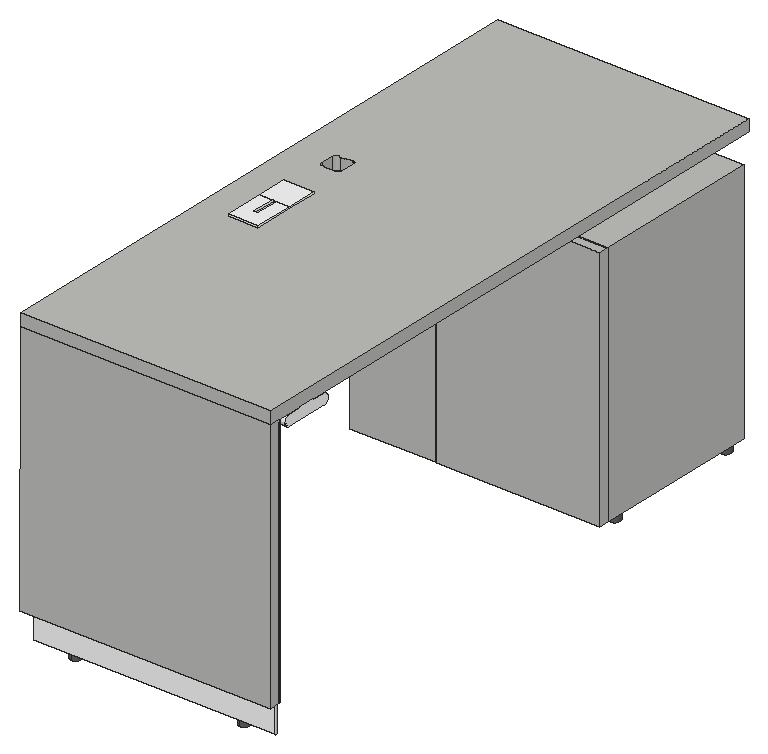
Revit family "Desk-Adjustable_Height-Teknion-JNHB-Run-Off_Bevel_Base-R20161", category Furniture, Revit 2016
Family settings
  OmniClass Number = 23.40.20.00
  OmniClass Title = General Furniture and Specialties
  Work Plane-Based = No
  Always vertical = Yes
  Cut with Voids When Loaded = No
  Shared = Yes
  Room Calculation Point = No
Parameters (values of type "Double-Sided")
  Worksurface Finish [instance] = Source Laminate - Teknion - RV - Very White
  Width B [instance] = Depth  # 24.000"
  Width [instance] = 60.000"
  Warranty = "http://www.teknion.com/ca/papers/legal-canada"
  Unit Weight URL = "http://www.teknion.com/ca/tools/assets#&asset=bee6a381-b954-425e-8283-5a2de3a804f2,f828d448-4b62-4231-9e5f-9a8991c0ed77"
  URL = "www.teknion.com"
  Sustainability Data = "http://www.teknion.com/ca/tools/assets#&topic=216f99a5-57a0-44fc-b10a-9dee9b29ae4c&asset=444deb64-fe58-4b68-981e-f75e97781df7"
  Single-Sided = not([Double-Sided])  # no
  Series = "Expansion Cityline"  # constant formula
  Product Page URL = "http://www.teknion.com/ca/products/product-details?productlineid=9ad2a26e-8e7a-673b-a6c8-ff05004460c4"
  Product Line = "Expansion Cityline"  # constant formula
  Product Documentation Link = "http://www.teknion.com/pricing/expansion-cityline/pdfs/JNHB_ppg.pdf"
  Part Number = "JNHB"  # constant formula
  Model = "JNHBED__S__"
  Manufacturer Phone = "416-661-3370"  # constant formula
  Manufacturer Fax = "416.661.4586"  # constant formula
  Manufacturer Contact Information = "http://www.teknion.com/ca/contactus"
  Manufacturer Address = "1150 Flint Road, Toronto, ON. M3J 2J5. Canada"  # constant formula
  Manufacturer = "Teknion"  # constant formula
  Left Door Cabinet Front Face Length [instance] = if(Depth = 24.000", 8.250", 10.250")  # 8.250"
  JNHSC Note [instance] = "Available Depths are 18 and 24 inches. Available Widths are 24 and 30 inches."  # constant formula
  JNHB Note [instance] = "Available Depths are 24 and 30 inches. Available Widths are 60, 66, 72, 78, and 84 inches."  # constant formula
  Height Note [instance] = "Available Height range between 27 and  48 inches."  # constant formula
  Height [instance] = 29.000"
  Grommet Finish [instance] = Mica - Teknion - V - Satin - Very White
  Front Finish [instance] = Source Laminate - Teknion - RV - Very White
  End Gable Finish [instance] = Source Laminate - Teknion - RV - Very White
  Double-Sided = yes
  Description = "Height-Adjustable Run-Off – Bevel Base, Extended Range Electric - 27\" to 48\", Double-Sided, Square Cut-Out and Grommet - Center"
  Depth B Actual [instance] = if([Double-Sided], Depth B - 1.693", Depth B - 3.465")  # 16.307"
  Depth B [instance] = 18.000"
  Depth [instance] = 24.000"
  Case Finish [instance] = Source Laminate - Teknion - RV - Very White
  Base Width Offset [instance] = if(Depth = 24.000", 12.000", 14.000")  # 12.000"
  Base Finish [instance] = Mica - Teknion - V - Satin - Very White
  Assembly Code = "E2020200"
  Adjustable Leg Reveal Height [instance] = Height - 26.154"  # 2.846"
  Actual Width [instance] = if([Double-Sided], Width - 2.693", Width - 4.465")  # 57.307"
  Accessory Offset [instance] = if(Depth = 24.000", 2.909", 4.877")  # 2.909"
Types (2): name | Single-Sided | Model | Double-Sided | Description | Depth B Actual | Actual Width
  Double-Sided | no | "JNHBED__S__" | yes | "Height-Adjustable Run-Off – Bevel Base, Extended Range Electric - 27\" to 48\", Double-Sided, Square Cut-Out and Grommet - Center" | 16.307" | 57.307"
  Single-Sided | yes | "JNHBES__S__" | no | "Height-Adjustable Run-Off – Bevel Base, Extended Range Electric - 27\" to 48\", Single-Sided, Square Cut-Out and Grommet - Center" | 14.535" | 55.535"
Reference planes (in)
  plane 1 "Center Front/Back": y = 1.89875
  plane 2: z = 0
  plane 3 "Center Left/Right": x = 0
  plane 4 "Left": x = -12
  plane 5 "Right": x = 12
  plane 6 "Back": y = 30.55225
  plane 7 "Front": y = -26.75475
  plane 8 "Top": z = 29
  plane 9: z = 27.81102
  plane 10: z = 23.85724
  plane 11: z = 23.4163
  plane 12: z = 29.75
  plane 13: z = 29.15748
  plane 14: z = 0.60236
  plane 15: z = 3.44836
  plane 16: z = 25.81102
  plane 17: z = 27.22047
  plane 18: x = 3
  plane 19: x = -3
  plane 20: y = 8.4383
  plane 21: y = -18.32955
  plane 22: x = 11.13386
  plane 23: y = 31.55225
  plane 24: x = -13.25139
  plane 25: x = 10.74861
  plane 26: y = 15.24525
  plane 27: y = 14.34762
  plane 28: x = -5.00139
  plane 29: x = -4.88328
  plane 30: x = -1.25139
  plane 31: z = 24.12496
  plane 32: y = 23.39875
Forms (in)
  Extrusion 1, solid, material "Source Laminate - Teknion - RV - Very White" <- "Worksurface Finish"
    sketch origin (-51, -180, 29) x (-1, 0, 0) y (0, -1, 0)
      loop
        line (-39, -210.55225) -> (-39, -153.24525) -> (-63, -153.24525) -> (-63, -210.55225) -> (-39, -210.55225)
    from 0 to -1.18898
  Extrusion 2, solid, material "Mica - Teknion - V - Satin - Very White" <- "Base Finish"
    sketch origin (-4.33071, 0, 23.4163) x (0, 1, 0) y (1, 0, 0)
      loop
        arc (26.14182, 8.66142) -> (25.74929, 8.49883) -> (25.5867, 8.1063) r 0.55512
        line (25.5867, 8.1063) -> (25.5867, 0.55512)
        arc (25.5867, 0.55512) -> (25.74929, 0.16259) -> (26.14182, 0) r 0.55512
        line (26.14182, 0) -> (28.57489, 0)
        arc (28.57489, 0) -> (28.96742, 0.16259) -> (29.13001, 0.55512) r 0.55512
        line (29.13001, 0.55512) -> (29.13001, 8.1063)
        arc (29.13001, 8.1063) -> (28.96742, 8.49883) -> (28.57489, 8.66142) r 0.55512
        line (28.57489, 8.66142) -> (26.14182, 8.66142)
    from 0 to -0.44094
  Extrusion 3, solid, material "Mica - Teknion - V - Satin - Very White" <- "Base Finish"
    sketch origin (-4.33071, 0, 23.85724) x (0, 1, 0) y (1, 0, 0)
      loop
        arc (26.14182, 8.3563) -> (25.96504, 8.28308) -> (25.89182, 8.1063) r 0.25
        line (25.89182, 8.1063) -> (25.89182, 0.55512)
        arc (25.89182, 0.55512) -> (25.96504, 0.37834) -> (26.14182, 0.30512) r 0.25
        line (26.14182, 0.30512) -> (28.57489, 0.30512)
        arc (28.57489, 0.30512) -> (28.75167, 0.37834) -> (28.82489, 0.55512) r 0.25
        line (28.82489, 0.55512) -> (28.82489, 8.1063)
        arc (28.82489, 8.1063) -> (28.75167, 8.28308) -> (28.57489, 8.3563) r 0.25
        line (28.57489, 8.3563) -> (26.14182, 8.3563)
    from 0 to -3.95378
  Extrusion 4, void
    sketch origin (-4.33071, 0, 23.85724) x (1, 0, 0) y (0, 1, 0)
      loop
        arc (-3.93307, 6.90663) -> (-4.22538, 6.78555) -> (-4.34646, 6.49324) r 0.41339
        line (-4.34646, 6.49324) -> (-4.34646, 5.30427)
        arc (-4.34646, 5.30427) -> (-4.22538, 5.01196) -> (-3.93307, 4.89088) r 0.41339
        line (-3.93307, 4.89088) -> (-2.74409, 4.89088)
        arc (-2.74409, 4.89088) -> (-2.45179, 5.01196) -> (-2.33071, 5.30427) r 0.41339
        line (-2.33071, 5.30427) -> (-2.33071, 6.49324)
        arc (-2.33071, 6.49324) -> (-2.45179, 6.78555) -> (-2.74409, 6.90663) r 0.41339
        line (-2.74409, 6.90663) -> (-3.93307, 6.90663)
    from 0 to 5.89276
  Extrusion 5, solid, material "Mica - Teknion - V - Satin - Very White" <- "Grommet Finish"
    sketch origin (-9.09132, -180, 29.15748) x (-1, 0, 0) y (0, -1, 0)
      loop
        line (-2.84439, -181.22591) -> (-0.00032, -181.22591) -> (-0.00032, -178.37868) -> (-2.84439, -178.37868) -> (-2.84439, -181.22591)
    from 0 to -0.15748
  Extrusion 6, solid, material "Mica - Teknion - V - Satin - Very White" <- "Grommet Finish"
    sketch origin (-9.09132, -180, 29.15748) x (-1, 0, 0) y (0, -1, 0)
      loop
        line (-0.00032, -178.37768) -> (-0.00032, -174.5716) -> (-2.84439, -174.5716) -> (-2.84439, -178.37768) -> (-1.63503, -178.37768) -> (-1.63503, -176.09908) -> (-1.20968, -176.09908) -> (-1.20968, -178.37768) -> (-0.00032, -178.37768)
    from 0 to -0.15748
  Extrusion 7, solid, material "Mica - Teknion - V - Satin - Very White" <- "Base Finish"
    sketch origin (11.6429, -180, 0.60236) x (0, -1, 0) y (-1, 0, 0)
      loop
        line (-157.06021, 5.66026) -> (-154.45238, 0.03422)
        arc (-154.45238, 0.03422) -> (-154.38608, 0.00139) -> (-154.33974, 0.05906) r 0.05906
        line (-154.33974, 0.05906) -> (-154.33974, 23.22674)
        arc (-154.33974, 23.22674) -> (-154.38608, 23.28441) -> (-154.45238, 23.25157) r 0.05906
        line (-154.45238, 23.25157) -> (-157.06021, 17.62553) -> (-157.06021, 5.66026)
    from 0 to -2.846
  Extrusion 8, solid, material "Mica - Teknion - V - Satin - Very White" <- "Base Finish"
    sketch origin (11.6429, -180, 3.44836) x (0, -1, 0) y (-1, 0, 0)
      loop
        line (-157.13896, 17.6429) -> (-157.13896, 5.6429) -> (-154.37364, -0.32288)
        arc (-154.37364, -0.32288) -> (-154.35184, -0.34782) -> (-154.32006, -0.3571) r 0.05906
        line (-154.32006, -0.3571) -> (-154.261, -0.3571) -> (-154.261, 23.6429) -> (-154.32006, 23.6429)
        arc (-154.32006, 23.6429) -> (-154.35184, 23.63361) -> (-154.37364, 23.60868) r 0.05906
        line (-154.37364, 23.60868) -> (-157.13896, 17.6429)
    from 0 to -24.36266
  Extrusion 9, solid, material "Source Laminate - Teknion - RV - Very White" <- "End Gable Finish"
    sketch origin (11.6429, -180, 3.44836) x (0, -1, 0) y (-1, 0, 0)
      loop
        line (-153.24525, 23.6429) -> (-154.261, 23.6429) -> (-154.261, -0.3571) -> (-153.24525, -0.3571) -> (-153.24525, 23.6429)
    from 0 to -24.36266
  Extrusion 10, solid, material "Mica - Teknion - V - Satin - Very White" <- "Base Finish"
    sketch origin (0, 8.62354, 25.81102) x (0, 1, 0) y (-1, 0, 0)
      loop
        line (-27.48852, 5.90551) -> (-31.48459, 5.90551) -> (-31.48459, -5.90551) -> (-27.48852, -5.90551) -> (-27.48852, 5.90551)
    from 1.40945 to 2
  Extrusion 11, solid, material "Mica - Teknion - V - Satin - Very White" <- "Base Finish"
    sketch origin (0, 8.62354, 25.81102) x (0, 1, 0) y (-1, 0, 0)
      loop
        line (-0.18524, -3) -> (-0.18524, 3) -> (-26.95309, 3) -> (-26.95309, -3) -> (-0.18524, -3)
    from 0 to 2
  Extrusion 12, solid, material "Plastic - Teknion - 52 - Ebony"
    sketch origin (11.6429, -180, 0.60236) x (0, -1, 0) y (-1, 0, 0)
      loop
        circle (-155.00614, 19.72735) r 0.5
    from 0 to 0.60236
  Extrusion 13, solid, material "Plastic - Teknion - 52 - Ebony"
    sketch origin (-11.6429, -180, 0.60236) x (0, 1, 0) y (1, 0, 0)
      loop
        circle (155.00614, 19.72735) r 0.5
    from 0 to 0.60236
  Extrusion 14, solid, material "Mica - Teknion - V - Satin - Very White"
    sketch origin (0, 0, 0) x (0, 1, 0) y (0, 0, 1)
      loop
        arc (-20.35711, 26.70866) -> (-19.86498, 27.20079) -> (-20.35711, 27.69291) r 0.49213
        line (-20.35711, 27.69291) -> (-21.63664, 27.69291) -> (-21.63664, 27.81102) -> (-23.21144, 27.81102) -> (-23.21144, 27.69291) -> (-24.49097, 27.69291)
        arc (-24.49097, 27.69291) -> (-24.98309, 27.20079) -> (-24.49097, 26.70866) r 0.49213
        line (-24.49097, 26.70866) -> (-20.35711, 26.70866)
    from 11.13386 to 12
  Extrusion 15, solid, material "Source Laminate - Teknion - RV - Very White" <- "Case Finish"
    sketch origin (11.6429, -180, 0.60236) x (0, -1, 0) y (-1, 0, 0)
      loop
        line (-211.55225, 24.89428) -> (-211.55225, 0.89428) -> (-195.24525, 0.89428) -> (-195.24525, 24.89428) -> (-211.55225, 24.89428)
    from 0 to -23.5226
  Extrusion 16, solid, material "Plastic - Teknion - 52 - Ebony"
    sketch origin (11.6429, -180, 0.60236) x (0, -1, 0) y (-1, 0, 0)
      loop
        circle (-210.05146, 24.3861) r 0.5
    from 0 to 0.60236
  Extrusion 17, solid, material "Plastic - Teknion - 52 - Ebony"
    sketch origin (-14.14567, -180, 0.60236) x (0, 1, 0) y (1, 0, 0)
      loop
        circle (210.05146, 24.3861) r 0.5
    from 0 to 0.60236
  Extrusion 18, solid, material "Plastic - Teknion - 52 - Ebony"
    sketch origin (11.6429, 226.79742, 0.60236) x (0, -1, 0) y (-1, 0, 0)
      loop
        circle (210.05137, 24.3861) r 0.5
    from 0 to 0.60236
  Extrusion 19, solid, material "Plastic - Teknion - 52 - Ebony"
    sketch origin (-14.14567, 226.79742, 0.60236) x (0, 1, 0) y (1, 0, 0)
      loop
        circle (-210.05137, 24.3861) r 0.5
    from 0 to 0.60236
  Extrusion 20, solid, material "Source Laminate - Teknion - RV - Very White" <- "Front Finish"
    sketch origin (0, 1.89875, 0) x (1, 0, 0) y (0, 0, 1)
      loop
        line (-5.00139, 24.12496) -> (-13.25139, 24.12496) -> (-13.25139, 0.60236) -> (-5.00139, 0.60236) -> (-5.00139, 24.12496)
    from -13.3465 to -12.44886
  Extrusion 21, solid, material "Source Laminate - Teknion - RV - Very White" <- "Front Finish"
    sketch origin (0, 1.89875, 0) x (1, 0, 0) y (0, 0, 1)
      loop
        line (-4.88328, 24.12496) -> (-4.88328, 0.60236) -> (10.74861, 0.60236) -> (10.74861, 24.12496) -> (-4.88328, 24.12496)
    from -13.3465 to -12.44886
Cuts and joins
  Extrusion 4 cuts Extrusion 1
Lines and regions (in)
  Masking region 1
    outline origin (11.6429, -180, 0.60236) x (0, -1, 0) y (1, 0, 0)
      loop
        line (-210.55225, -23.6429) -> (-153.24525, -23.6429) -> (-153.24525, 0.3571) -> (-210.55225, 0.3571) -> (-210.55225, -23.6429)
  Masking region 2
    outline origin (11.6429, -180, 0.60236) x (0, -1, 0) y (1, 0, 0)
      loop
        line (-211.55225, -24.89428) -> (-194.34762, -24.89428) -> (-194.34762, -23.6429) -> (-210.55225, -23.6429) -> (-210.55225, -0.89428) -> (-211.55225, -0.89428) -> (-211.55225, -24.89428)
  symbolic lines, style "Furniture", detail levels medium+fine
    curve 1: line (-13.25139, 15.24525, 0.60236) -> (-12.00139, 15.24525, 0.60236)
  symbolic lines, style "FurnitureHiddenLines", detail levels fine
    curve 2: arc (-12.74321, 17.24605, 0.60236) -> (-13.24321, 16.74605, 0.60236) -> (-12.74321, 16.24605, 0.60236) r 0.5
    curve 3: arc (-12.74321, 16.24605, 0.60236) -> (-12.24321, 16.74605, 0.60236) -> (-12.74321, 17.24605, 0.60236) r 0.5
    curve 4: arc (-12.74321, 29.55146, 0.60236) -> (-12.24321, 30.05146, 0.60236) -> (-12.74321, 30.55146, 0.60236) r 0.5
    curve 5: arc (-12.74321, 30.55146, 0.60236) -> (-13.24321, 30.05146, 0.60236) -> (-12.74321, 29.55146, 0.60236) r 0.5
    curve 6: arc (10.24043, 29.55146, 0.60236) -> (10.74043, 30.05146, 0.60236) -> (10.24043, 30.55146, 0.60236) r 0.5
    curve 7: arc (10.24043, 30.55146, 0.60236) -> (9.74043, 30.05146, 0.60236) -> (10.24043, 29.55146, 0.60236) r 0.5
    curve 8: arc (10.24043, 16.24605, 0.60236) -> (10.74043, 16.74605, 0.60236) -> (10.24043, 17.24605, 0.60236) r 0.5
    curve 9: arc (10.24043, 17.24605, 0.60236) -> (9.74043, 16.74605, 0.60236) -> (10.24043, 16.24605, 0.60236) r 0.5
    curve 10: arc (8.08445, -24.49386, 0.60236) -> (7.58445, -24.99386, 0.60236) -> (8.08445, -25.49386, 0.60236) r 0.5
    curve 11: arc (8.08445, -25.49386, 0.60236) -> (8.58445, -24.99386, 0.60236) -> (8.08445, -24.49386, 0.60236) r 0.5
    curve 12: arc (-8.08445, -25.49386, 0.60236) -> (-7.58445, -24.99386, 0.60236) -> (-8.08445, -24.49386, 0.60236) r 0.5
    curve 13: arc (-8.08445, -24.49386, 0.60236) -> (-8.58445, -24.99386, 0.60236) -> (-8.08445, -25.49386, 0.60236) r 0.5
    curve 22: line (3, -18.32955, 0.60236) -> (3, 8.4383, 0.60236)
    curve 23: line (3, 8.4383, 0.60236) -> (-3, 8.4383, 0.60236)
    curve 24: line (-3, 8.4383, 0.60236) -> (-3, -18.32955, 0.60236)
    curve 25: line (-3, -18.32955, 0.60236) -> (3, -18.32955, 0.60236)
    curve 52: line (-4.02559, 28.57489, 0.60236) -> (-4.02559, 26.14182, 0.60236)
    curve 53: arc (-4.02559, 26.14182, 0.60236) -> (-3.95237, 25.96504, 0.60236) -> (-3.77559, 25.89182, 0.60236) r 0.25
    curve 54: line (-3.77559, 25.89182, 0.60236) -> (3.77559, 25.89182, 0.60236)
    curve 55: arc (3.77559, 25.89182, 0.60236) -> (3.95237, 25.96504, 0.60236) -> (4.02559, 26.14182, 0.60236) r 0.25
    curve 56: line (4.02559, 26.14182, 0.60236) -> (4.02559, 28.57489, 0.60236)
    curve 57: arc (4.02559, 28.57489, 0.60236) -> (3.95237, 28.75167, 0.60236) -> (3.77559, 28.82489, 0.60236) r 0.25
    curve 58: line (3.77559, 28.82489, 0.60236) -> (-3.77559, 28.82489, 0.60236)
    curve 59: arc (-3.77559, 28.82489, 0.60236) -> (-3.95237, 28.75167, 0.60236) -> (-4.02559, 28.57489, 0.60236) r 0.25
  symbolic lines, style "FurnitureHiddenLines", detail levels medium+fine
    curve 14: line (-4.88328, 14.34762, 0.60236) -> (-4.88328, 15.24525, 0.60236)
    curve 15: line (-5.00139, 15.24525, 0.60236) -> (-5.00139, 14.34762, 0.60236)
    curve 16: line (-5.00139, 14.34762, 0.60236) -> (-12, 14.34762, 0.60236)
    curve 17: line (10.74861, 14.34762, 0.60236) -> (-4.88328, 14.34762, 0.60236)
    curve 18: line (10.74861, 15.24525, 0.60236) -> (10.74861, 14.34762, 0.60236)
    curve 19: line (10.74861, 15.24525, 0.60236) -> (-12.00139, 15.24525, 0.60236)
    curve 20: line (-5.90551, -22.86104, 0.60236) -> (-5.90551, -18.86498, 0.60236)
    curve 21: line (-5.90551, -18.86498, 0.60236) -> (5.90551, -18.86498, 0.60236)
    curve 44: line (3.77559, 29.13001, 0.60236) -> (-3.77559, 29.13001, 0.60236)
    curve 45: arc (-3.77559, 29.13001, 0.60236) -> (-4.16812, 28.96742, 0.60236) -> (-4.33071, 28.57489, 0.60236) r 0.55512
    curve 46: line (-4.33071, 28.57489, 0.60236) -> (-4.33071, 26.14182, 0.60236)
    curve 47: arc (-4.33071, 26.14182, 0.60236) -> (-4.16812, 25.74929, 0.60236) -> (-3.77559, 25.5867, 0.60236) r 0.55512
    curve 48: line (-3.77559, 25.5867, 0.60236) -> (3.77559, 25.5867, 0.60236)
    curve 49: arc (3.77559, 25.5867, 0.60236) -> (4.16812, 25.74929, 0.60236) -> (4.33071, 26.14182, 0.60236) r 0.55512
    curve 50: line (4.33071, 26.14182, 0.60236) -> (4.33071, 28.57489, 0.60236)
    curve 51: arc (4.33071, 28.57489, 0.60236) -> (4.16812, 28.96742, 0.60236) -> (3.77559, 29.13001, 0.60236) r 0.55512
    curve 60: line (6, -22.86104, 0.60236) -> (12, -25.64223, 0.60236)
    curve 61: line (12, -25.64223, 0.60236) -> (12, -25.739, 0.60236)
    curve 62: line (-12, -25.739, 0.60236) -> (12, -25.739, 0.60236)
    curve 63: line (-12, -25.64223, 0.60236) -> (-12, -25.739, 0.60236)
    curve 64: line (-12, -25.64223, 0.60236) -> (-6, -22.86104, 0.60236)
    curve 65: line (-6, -22.86104, 0.60236) -> (6, -22.86104, 0.60236)
    curve 66: line (5.90551, -18.86498, 0.60236) -> (5.90551, -22.86104, 0.60236)
    curve 67: line (10.74861, 31.55225, 0.60236) -> (10.74861, 15.24525, 0.60236)
  symbolic lines
    curve 26: line (-8.26378, 6.90663, 0.60236) -> (-7.0748, 6.90663, 0.60236)
    curve 27: line (-7.0748, 4.89088, 0.60236) -> (-8.26378, 4.89088, 0.60236)
    curve 28: line (-8.67717, 5.30427, 0.60236) -> (-8.67717, 6.49324, 0.60236)
    curve 29: line (-6.66142, 6.49324, 0.60236) -> (-6.66142, 5.30427, 0.60236)
    curve 30: arc (-6.66142, 6.49324, 0.60236) -> (-6.7825, 6.78555, 0.60236) -> (-7.0748, 6.90663, 0.60236) r 0.41339
    curve 31: arc (-8.26378, 6.90663, 0.60236) -> (-8.55609, 6.78555, 0.60236) -> (-8.67717, 6.49324, 0.60236) r 0.41339
    curve 32: arc (-8.67717, 5.30427, 0.60236) -> (-8.55609, 5.01196, 0.60236) -> (-8.26378, 4.89088, 0.60236) r 0.41339
    curve 33: arc (-7.0748, 4.89088, 0.60236) -> (-6.7825, 5.01196, 0.60236) -> (-6.66142, 5.30427, 0.60236) r 0.41339
    curve 34: line (-9.091, 1.22591, 0.60236) -> (-6.24694, 1.22591, 0.60236)
    curve 35: line (-6.24694, 1.22591, 0.60236) -> (-6.24694, -1.62132, 0.60236)
    curve 36: line (-6.24694, -1.62132, 0.60236) -> (-6.24694, -5.4284, 0.60236)
    curve 37: line (-6.24694, -5.4284, 0.60236) -> (-9.091, -5.4284, 0.60236)
    curve 38: line (-9.091, -5.4284, 0.60236) -> (-9.091, -1.62132, 0.60236)
    curve 39: line (-9.091, -1.62132, 0.60236) -> (-9.091, 1.22591, 0.60236)
  symbolic lines, detail levels medium+fine
    curve 40: line (-6.24694, -1.62132, 0.60236) -> (-9.091, -1.62132, 0.60236)
  symbolic lines, detail levels fine
    curve 41: line (-7.88164, -1.62132, 0.60236) -> (-7.88164, -3.90092, 0.60236)
    curve 42: line (-7.88164, -3.90092, 0.60236) -> (-7.45629, -3.90092, 0.60236)
    curve 43: line (-7.45629, -3.90092, 0.60236) -> (-7.45629, -1.62132, 0.60236)
  reference lines, not visible
    curve 68: line (-12, 30.55225, 0) -> (-12, -26.75475, 0)
    curve 69: line (-12, 30.55225, 0) -> (12, 30.55225, 0)
    curve 70: line (12, 30.55225, 0) -> (12, -26.75475, 0)
    curve 71: line (-12, -26.75475, 0) -> (12, -26.75475, 0)
Dimensions and locks (in)
  "Depth": plane 4 "Left" to plane 5 "Right"
  "Actual Width": plane 6 "Back" to plane 7 "Front"
  "Height": plane 8 "Top" to level
  equal spacing: plane 7 "Front", plane 1 "Center Front/Back", plane 6 "Back"
  locked: plane 8 "Top" to plane 9 at 1.18898
  Extrusion 2 sketch curve to Extrusion 2 sketch curve to Extrusion 2 sketch curve to plane 3 "Center Left/Right" to Extrusion 2 sketch curve to Extrusion 2 sketch curve to Extrusion 2 sketch curve = 0.55512" locked, 0.000" locked, 3.77559" locked, 3.77559" locked, 0.000" locked, 0.55512" locked
  plane 6 "Back" to Extrusion 2 sketch curve to Extrusion 2 sketch curve to Extrusion 2 sketch curve to Extrusion 2 sketch curve to Extrusion 2 sketch curve to Extrusion 2 sketch curve = 1.42224" locked, 0.55512" locked, 0.000" locked, 2.43307" locked, 0.000" locked, 0.55512" locked
  Extrusion 3 sketch curve to Extrusion 3 sketch curve to Extrusion 3 sketch curve to plane 3 "Center Left/Right" to Extrusion 3 sketch curve to Extrusion 3 sketch curve to Extrusion 3 sketch curve = 0.250" locked, 0.000" locked, 3.77559" locked, 3.77559" locked, 0.000" locked, 0.250" locked
  plane 6 "Back" to Extrusion 3 sketch curve to Extrusion 3 sketch curve to Extrusion 3 sketch curve to Extrusion 3 sketch curve to Extrusion 3 sketch curve to Extrusion 3 sketch curve = 1.72736" locked, 0.250" locked, 0.000" locked, 2.43307" locked, 0.000" locked, 0.250" locked
  plane 1 "Center Front/Back" to Extrusion 4 sketch curve to Extrusion 4 sketch curve to Extrusion 4 sketch curve to Extrusion 4 sketch curve to Extrusion 4 sketch curve to Extrusion 4 sketch curve = 2.99213" locked, 0.41339" locked, 0.000" locked, 1.18898" locked, 0.000" locked, 0.41339" locked
  Extrusion 4 sketch curve to Extrusion 4 sketch curve to Extrusion 4 sketch curve to Extrusion 4 sketch curve to Extrusion 4 sketch curve to Extrusion 4 sketch curve = 0.41339" locked, 0.000" locked, 1.18898" locked, 0.000" locked, 0.41339" locked
  locked: plane 12 to plane 8 "Top" at 0.75
  Extrusion 4 to plane 11 to plane 2 = 0.44094" locked, 23.4163" locked
  locked: plane 13 to plane 8 "Top" at 0.15748
  Extrusion 5 sketch curve to Extrusion 5 sketch curve to plane 1 "Center Front/Back" = 2.84723" locked, 0.67284" locked
  locked: Extrusion 5 sketch curve to Extrusion 5 sketch curve at 2.84406
  Extrusion 6 sketch curve to Extrusion 6 sketch curve to Extrusion 6 sketch curve to Extrusion 6 sketch curve to plane 1 "Center Front/Back" = 1.52748" locked, 2.2786" locked, 0.000" locked, 3.52107" locked
  Extrusion 6 sketch curve to Extrusion 6 sketch curve to Extrusion 6 sketch curve to Extrusion 6 sketch curve = 1.20936" locked, 0.42535" locked, 1.20936" locked
  locked: plane 14 to plane 2 at 0.60236
  "Adjustable Leg Reveal Height": plane 15 to plane 14
  locked: Extrusion 8 sketch curve to plane 5 "Right" at 0.05906
  locked: plane 4 "Left" to Extrusion 8 sketch curve at 0.05906
  plane 7 "Front" to Extrusion 8 sketch curve to Extrusion 8 sketch curve = 1.01575" locked, 2.87795" locked
  locked: plane 9 to plane 16 at 2
  plane 7 "Front" to Extrusion 10 sketch curve to Extrusion 10 sketch curve = 3.8937" locked, 3.99606" locked
  locked: plane 17 to plane 9 at 0.59055
  plane 19 to plane 3 "Center Left/Right" to plane 18 = 3.000" locked, 3.000" locked
  locked: plane 7 "Front" to plane 21 at 8.4252
  locked: plane 7 "Front" to Extrusion 12 sketch curve at 1.76089
  locked: plane 4 "Left" to Extrusion 12 sketch curve at 3.91555
  locked: plane 7 "Front" to Extrusion 13 sketch curve at 1.76089
  locked: Extrusion 13 sketch curve to plane 5 "Right" at 3.91555
  locked: plane 22 to plane 5 "Right" at 0.86614
  Extrusion 14 sketch curve to Extrusion 14 sketch curve to Extrusion 14 sketch curve to Extrusion 14 sketch curve to plane 7 "Front" = 1.27953" locked, 1.5748" locked, 1.27953" locked, 2.26378" locked
  Extrusion 14 sketch curve to Extrusion 14 sketch curve to Extrusion 14 sketch curve to Extrusion 14 sketch curve to Extrusion 14 sketch curve to plane 9 = 0.49213" locked, 0.000" locked, 0.49213" locked, 0.000" locked, 0.11811" locked
  equal spacing: plane 4 "Left", plane 3 "Center Left/Right", plane 5 "Right"
  locked: plane 23 to plane 6 "Back" at 1
  "Depth B Actual": plane 26 to plane 23
  locked: plane 27 to plane 26 at 0.89764
  locked: plane 24 to Extrusion 16 sketch curve at 0.50818
  locked: plane 23 to Extrusion 16 sketch curve at 1.5008
  locked: Extrusion 17 sketch curve to plane 25 at 0.50818
  locked: plane 23 to Extrusion 17 sketch curve at 1.5008
  locked: plane 26 to Extrusion 18 sketch curve at 1.5008
  locked: plane 24 to Extrusion 18 sketch curve at 0.50818
  locked: Extrusion 19 sketch curve to plane 25 at 0.50818
  locked: plane 26 to Extrusion 19 sketch curve at 1.5008
  "Width B": plane 24 to plane 25
  "Left Door Cabinet Front Face Length": plane 24 to plane 28
  equal spacing: plane 24, plane 30, plane 25
  locked: plane 2 to plane 31 at 24.12496
  locked: plane 30 to plane 3 "Center Left/Right" at 1.25139
  equal spacing: plane 23, plane 32, plane 26
  locked: plane 28 to plane 29 at 0.11811
  locked: plane 23 to plane 20 at 23.11396
  Extrusion 10 sketch curve to plane 3 "Center Left/Right" to Extrusion 10 sketch curve = 5.90551" locked, 5.90551" locked
  equal spacing: Extrusion 8 sketch curve, plane 3 "Center Left/Right", Extrusion 8 sketch curve
  "Base Width Offset": Extrusion 8 sketch curve to Extrusion 8 sketch curve
  locked: Extrusion 7 sketch curve to plane 5 "Right" at 0.41616
  locked: plane 4 "Left" to Extrusion 7 sketch curve at 0.41616
  equal spacing: Extrusion 7 sketch curve, plane 3 "Center Left/Right", Extrusion 7 sketch curve
  locked: plane 7 "Front" to Extrusion 7 sketch curve at 1.09449
  locked: plane 7 "Front" to Extrusion 7 sketch curve at 1.15354  (x2)
  locked: plane 7 "Front" to Extrusion 7 sketch curve at 3.81496
  "Accessory Offset": plane 4 "Left" to Extrusion 5 sketch curve
  "Accessory Offset": plane 4 "Left" to Extrusion 6 sketch curve
  locked: Extrusion 5 to Extrusion 4 sketch curve at 0.41383
  aligned and locked: level to plane 2
  aligned and locked: Extrusion 1 sketch curve to plane 4 "Left"
  aligned and locked: Extrusion 1 sketch curve to plane 6 "Back"
  aligned and locked: Extrusion 1 sketch curve to plane 5 "Right"
  aligned and locked: Extrusion 1 sketch curve to plane 7 "Front"
  aligned and locked: Extrusion 1 to plane 8 "Top"
  aligned and locked: plane 9 to Extrusion 1
  aligned and locked: Extrusion 2 to plane 11
  aligned and locked: Extrusion 2 to plane 10
  aligned and locked: Extrusion 3 to plane 9
  aligned and locked: plane 10 to Extrusion 3
  aligned and locked: plane 12 to Extrusion 4
  aligned and locked: Extrusion 6 to plane 13
  aligned and locked: Extrusion 5 to plane 13
  aligned and locked: Extrusion 6 to plane 8 "Top"
  aligned and locked: Extrusion 5 to plane 8 "Top"
  aligned and locked: Extrusion 7 to plane 14
  aligned and locked: Extrusion 7 to plane 15
  aligned and locked: Extrusion 8 sketch curve to plane 4 "Left"
  aligned and locked: Extrusion 8 sketch curve to plane 5 "Right"
  aligned and locked: Extrusion 8 to plane 15
  aligned and locked: Extrusion 8 to plane 9
  aligned and locked: Extrusion 9 sketch curve to plane 7 "Front"
  aligned and locked: plane 4 "Left" to Extrusion 9 sketch curve
  aligned and locked: Extrusion 9 sketch curve to plane 5 "Right"
  aligned and locked: Extrusion 9 sketch curve to Extrusion 8
  aligned and locked: Extrusion 9 to plane 9
  aligned and locked: plane 15 to Extrusion 9
  aligned and locked: Extrusion 10 to plane 9
  aligned and locked: Extrusion 10 to plane 17
  aligned and locked: Extrusion 11 sketch curve to plane 18
  aligned and locked: Extrusion 11 sketch curve to plane 20
  aligned and locked: plane 19 to Extrusion 11 sketch curve
  aligned and locked: plane 21 to Extrusion 11 sketch curve
  aligned and locked: Extrusion 11 to plane 16
  aligned and locked: Extrusion 11 to plane 9
  aligned and locked: Extrusion 12 to plane 14
  aligned and locked: Extrusion 12 to plane 2
  aligned and locked: Extrusion 13 to level
  aligned and locked: Extrusion 13 to plane 14
  aligned and locked: Extrusion 14 sketch curve to plane 9
  aligned and locked: plane 22 to Extrusion 14
  aligned and locked: Extrusion 14 to plane 5 "Right"
  aligned and locked: plane 24 to Extrusion 15 sketch curve
  aligned and locked: plane 23 to Extrusion 15 sketch curve
  aligned and locked: plane 25 to Extrusion 15 sketch curve
  aligned and locked: Extrusion 15 sketch curve to plane 26
  aligned and locked: Extrusion 15 to plane 31
  aligned and locked: plane 14 to Extrusion 15
  aligned and locked: Extrusion 16 to plane 2
  aligned and locked: Extrusion 16 to plane 14
  aligned and locked: Extrusion 17 to plane 14
  aligned and locked: Extrusion 17 to plane 2
  aligned and locked: Extrusion 18 to plane 14
  aligned and locked: Extrusion 18 to plane 2
  aligned and locked: Extrusion 19 to plane 2
  aligned and locked: Extrusion 20 to plane 26
  aligned and locked: Extrusion 21 to plane 26
  aligned and locked: Extrusion 21 to plane 27
  aligned and locked: Extrusion 20 to plane 27
  aligned and locked: Extrusion 20 to plane 24
  aligned and locked: Extrusion 20 to plane 28
  aligned and locked: Extrusion 21 to plane 29
  aligned and locked: plane 25 to Extrusion 21
  aligned and locked: Masking region 1 sketch curve to plane 4 "Left"
  aligned and locked: Masking region 1 sketch curve to plane 5 "Right"
  aligned and locked: Masking region 1 sketch curve to plane 7 "Front"
  aligned and locked: plane 24 to Masking region 2 sketch curve
  aligned and locked: plane 23 to Masking region 2 sketch curve
  aligned and locked: Masking region 2 sketch curve to plane 4 "Left"
  aligned and locked: plane 27 to Masking region 2 sketch curve
  aligned and locked: Masking region 1 sketch curve to plane 6 "Back"
  aligned and locked: plane 25 to Masking region 2 sketch curve
  aligned and locked: Masking region 2 sketch curve to plane 6 "Back"
  aligned and locked: plane 14 to Extrusion 20 sketch curve
  aligned and locked: Extrusion 20 sketch curve to plane 28
  aligned and locked: Extrusion 20 sketch curve to plane 24
  aligned and locked: Extrusion 20 sketch curve to plane 31
  aligned and locked: Extrusion 21 sketch curve to plane 31
  aligned and locked: plane 25 to Extrusion 21 sketch curve
  aligned and locked: Extrusion 21 sketch curve to plane 29
  aligned and locked: plane 14 to Extrusion 21 sketch curve
  aligned and locked: curve 20 to Extrusion 10
  aligned and locked: curve 60 to Extrusion 8
  aligned and locked: curve 61 to plane 5 "Right"
  aligned and locked: curve 62 to Extrusion 9
  aligned and locked: plane 4 "Left" to curve 63
  aligned and locked: curve 64 to Extrusion 8
  aligned and locked: curve 65 to Extrusion 8
  aligned and locked: curve 21 to Extrusion 10
  aligned and locked: curve 59 to Extrusion 3
  aligned and locked: curve 57 to Extrusion 3
  aligned and locked: curve 55 to Extrusion 3
  aligned and locked: curve 53 to Extrusion 3
  aligned and locked: curve 47 to Extrusion 2
  aligned and locked: curve 45 to Extrusion 2
  aligned and locked: curve 51 to Extrusion 2
  aligned and locked: curve 49 to Extrusion 2
  aligned and locked: curve 66 to Extrusion 10
  aligned and locked: curve 3 to Extrusion 18
  aligned and locked: curve 4 to Extrusion 16
  aligned and locked: curve 7 to Extrusion 17
  aligned and locked: curve 9 to Extrusion 19
  aligned and locked: curve 67 to Extrusion 15
  aligned and locked: curve 13 to Extrusion 12
  aligned and locked: curve 11 to Extrusion 13
  aligned and locked: curve 40 to Extrusion 5
  aligned and locked: curve 37 to Extrusion 6
  aligned and locked: curve 34 to Extrusion 5
  aligned and locked: curve 42 to Extrusion 6
  aligned and locked: curve 31 to cut or joined group of Extrusion 1, Extrusion 4
  aligned and locked: curve 30 to cut or joined group of Extrusion 1, Extrusion 4
  aligned and locked: curve 33 to cut or joined group of Extrusion 1, Extrusion 4
  aligned and locked: curve 32 to cut or joined group of Extrusion 1, Extrusion 4
  aligned and locked: plane 21 to curve 25
  aligned and locked: plane 20 to curve 23
  aligned and locked: plane 28 to curve 15
  aligned and locked: plane 29 to curve 14
  aligned and locked: curve 39 to Extrusion 5
  aligned and locked: curve 38 to Extrusion 6
  aligned and locked: curve 41 to Extrusion 6
  aligned and locked: curve 43 to Extrusion 6
  aligned and locked: curve 36 to Extrusion 6
  aligned and locked: curve 35 to Extrusion 5
  aligned and locked: curve 68 to plane 4 "Left"
  aligned and locked: curve 69 to plane 6 "Back"
  aligned and locked: curve 70 to plane 5 "Right"
  aligned and locked: curve 71 to plane 7 "Front"
  aligned and locked: Extrusion 19 to plane 14
Automatic sketch dimensions
  Extrusion 7 sketch curve to Extrusion 7 sketch curve = 0.05358"  (x2)
  plane 28 to Extrusion 7 sketch curve = 0.98125"
  plane 4 "Left" to Extrusion 8 sketch curve = 0.03422"
  Extrusion 8 sketch curve to Extrusion 8 sketch curve = 0.11263"  (x2)
  plane 5 "Right" to Extrusion 8 sketch curve = 0.03422"
  curve 1 to plane 24 = 0.000"
  curve 16 to plane 4 "Left" = 0.000"
  curve 22 to plane 18 = 0.000"
  curve 23 to plane 19 = 0.000"
  curve 19 to plane 4 "Left" = 0.00139"
  curve 67 to plane 23 = 0.000"
  plane 26 to curve 15 = 0.000"
  curve 16 to plane 27 = 0.000"
  curve 17 to plane 27 = 0.000"
  radius of Extrusion 12 sketch curve = 0.500"
  radius of Extrusion 13 sketch curve = 0.500"
  radius of Extrusion 16 sketch curve = 0.500"
  radius of Extrusion 17 sketch curve = 0.500"
  radius of Extrusion 18 sketch curve = 0.500"
  radius of Extrusion 19 sketch curve = 0.500"
